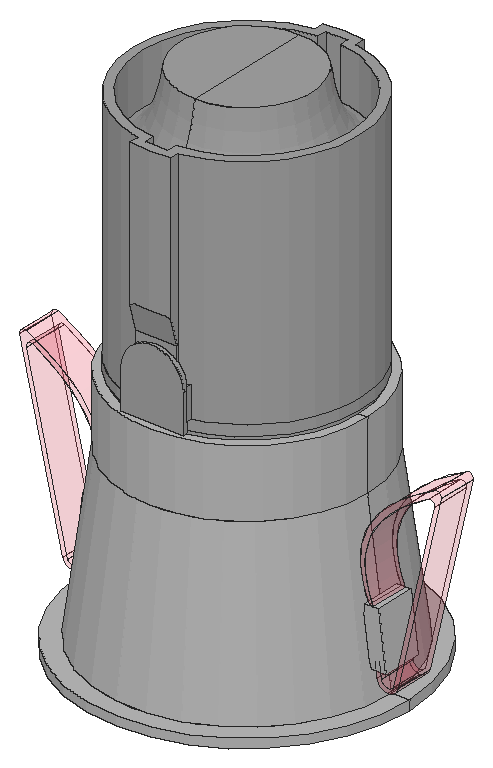
Revit family "LAMP_MOODY G2 800 + MINI ROUND FIXED REFLECTOR", category Luminarias, Revit 2015
Parameters (values of type "2700K FLOOD")
  Ángulo de inclinación = 90.00°
  White reflector model = White reflector code  # "MORFRD072FXW"
  White reflector finish = "Matt white"
  White reflector description = "MOODY REF RD FX Ø72 WH."
  White reflector datasheet = "http://www.lamp.es/product-files/TECH/MORFRD072FXW-EN.pdf"
  White reflector code = "MORFRD072FXW"
  White reflector [instance] = no
  Wattage = 6.1 W
  UGR = "21"
  Type = "COB PHILIPS"
  Total weight = 0.242 kg
  Total height = 115 mm
  Silver reflector model = Silver reflector code  # "MORFRD072FXM"
  Silver reflector finish = "Metalized matt silver"
  Silver reflector description = "MOODY REF RD FX Ø72 MET."
  Silver reflector datasheet = "http://www.lamp.es/product-files/TECH/MORFRD072FXM-EN.pdf"
  Silver reflector code = "MORFRD072FXM"
  Silver reflector [instance] = no
  Reflector diameter = 72 mm
  Reflector [instance] = and(not(White reflector), not(Copper reflector), not(Black reflector), not(Silver reflector))  # no
  Recessed diameter = 68 mm
  built-in parameter 1150110 = 1 (stored number, unit not read)
  Protection rating = "IP20"
  Product URL = "https://www.lamp.es/en/family/moody_33323"
  Power Supply = "220-240V 50/60Hz"
  Power = 5 W
  Plum = 6.1 W
  Model explanation = "Availability of switching reflector colour when placed in a project."
  Material Reflector Plata = LAMP_PC Reflector Moody GR
  Material Reflector Negro = LAMP_PC Reflector Moody NG
  Material Reflector Cobre = LAMP_PC Reflector Moody CO
  Material Reflector Blanco = LAMP_PC Reflector Moody BL
  Material Muelle Emp. = LAMP_Acero genérico
  Manufacturer name = "LAMP"
  Manufacturer country = "Spain"
  Manufacturer URL = "http://www.lamp.es/en"
  MacAdam = "3"
  Lámpara = "COB LED"
  Luminaire type = "Indoor - Recessed Downlight"
  Last update = "28/08/2019"
  LED Lifetime = "50.000 L90 B10"
  Insulation class = "II"
  Installation instructions = "https://www.lamp.es/product-files/INS/1004620-A-INSTR.%20MOODY%20G2.pdf"
  IEE = "A++"
  Gear = "Electronic"
  built-in parameter 1114217 = 1 (stored number, unit not read)
  built-in parameter 1150109 = 1 (stored number, unit not read)
  Fabricante = Manufacturer name  # "LAMP"
  Efficacy = 71.3 lm/W
  Descripción = "MOODY G2 800 VWW FL TRIAC BK."
  Core product code = "MO208FL927TB"
  Core model = Core product code  # "MO208FL927TB"
  Core diameter = 50 mm
  Core description = "MOODY CORE 500 VWW MFL"
  Core datasheet = "http://www.lamp.es/product-files/TECH/MO208FL927TB-EN.pdf"
  Copper reflector model = Copper reflector code  # "MORFRD072FXC"
  Copper reflector finish = "Metalized matt copper"
  Copper reflector description = "MOODY REF RD FX Ø72 CO."
  Copper reflector datasheet = "http://www.lamp.es/product-files/TECH/MORFRD072FXW-EN.pdf"
  Copper reflector code = "MORFRD072FXC"
  Comentarios de tipo = Model explanation  # "Availability of switching reflector colour when placed in a project."
  built-in parameter 1150134 = (empty or 0)
  built-in parameter 1150113 = 1 (stored number, unit not read)
  Lumens = 434.93 lm
  built-in parameter 1150115 = 1 (stored number, unit not read)
  built-in parameter 1150105 = 34.611 (stored number, unit not read)
  built-in parameter 1150137 = (empty or 0)
  built-in parameter 1150139 = (empty or 0)
  built-in parameter 1150112 = 1 (stored number, unit not read)
  built-in parameter 1150114 = 1 (stored number, unit not read)
  built-in parameter 1150132 = 2
  built-in parameter 1150102 = (empty or 0)
  built-in parameter 1150138 = (empty or 0)
  built-in parameter 1150107 = 2700 (stored number, unit not read)
  built-in parameter 1150106 = 0.34611 (stored number, unit not read)
  built-in parameter 1150104 = 6.624 (stored number, unit not read)
  Dimming Lamp Color Temperature Shift = (empty or 0)
  Color Filter = 16777215
  built-in parameter 1114218 = 1 (stored number, unit not read)
  CRI = "90"
  Copper reflector [instance] = yes
  Black reflector model = Black reflector code  # "MORFRD072FXB"
  Black reflector finish = "Matt black"
  Black reflector description = "MOODY REF RD FX Ø72 BK."
  Black reflector datasheet = "http://www.lamp.es/product-files/TECH/MORFRD072FXB-EN.pdf"
  Black reflector code = "MORFRD072FXB"
  Black reflector [instance] = no
  Archivo de red fotométrica = "MO208FL927TB+MORFRD072FXM.IES"
  Altura reflector = 52.8 mm
  built-in parameter 1150133 = 10 (stored number, unit not read)
Types (9, lengths in mm): name | Efficacy | Descripción | Core product code | Core model | Core datasheet | Lumens | built-in parameter 1150105 | built-in parameter 1150107 | built-in parameter 1150106 | built-in parameter 1150104 | CRI | Archivo de red fotométrica
  2700K FLOOD | 71.3 lm/W | "MOODY G2 800 VWW FL TRIAC BK." | "MO208FL927TB" | "MO208FL927TB" | "http://www.lamp.es/product-files/TECH/MO208FL927TB-EN.pdf" | 434.93 lm | 34.611 (stored number, unit not read) | 2700 (stored number, unit not read) | 0.34611 (stored number, unit not read) | 6.624 (stored number, unit not read) | "90" | "MO208FL927TB+MORFRD072FXM.IES"
  2700K SPOT | 71.3 lm/W | "MOODY G2 800 VWW SP TRIAC BK." | "MO208SP927TB" | "MO208SP927TB" | "http://www.lamp.es/product-files/TECH/MO208SP927TB-EN.pdf" | 434.93 lm | 34.611 (stored number, unit not read) | 2700 (stored number, unit not read) | 0.34611 (stored number, unit not read) | 6.624 (stored number, unit not read) | "90" | "MO208SP927TB+MORFRD072FXM.IES"
  2700K WIDE FLOOD | 71.3 lm/W | "MOODY G2 800 VWW WFL TRIAC BK." | "MO208WF927TB" | "MO208WF927TB" | "http://www.lamp.es/product-files/TECH/MO208WF927TB-EN.pdf" | 434.93 lm | 34.611 (stored number, unit not read) | 2700 (stored number, unit not read) | 0.34611 (stored number, unit not read) | 6.624 (stored number, unit not read) | "90" | "MO208WF927TB+MORFRD072FXM.IES"
  3000K FLOOD | 87.4 lm/W | "MOODY G2 800 WW FL TRIAC BK." | "MO208FL830TB" | "MO208FL830TB" | "http://www.lamp.es/product-files/TECH/MO208FL830TB-EN.pdf" | 533.14 lm | 42.426 (stored number, unit not read) | 3000 (stored number, unit not read) | 0.42426 (stored number, unit not read) | 8.1197 (stored number, unit not read) | "80" | "MO208FL830TB+MORFRD072FXM.IES"
  3000K SPOT | 87.4 lm/W | "MOODY G2 800 WW SP TRIAC BK." | "MO208SP830TB" | "MO208SP830TB" | "http://www.lamp.es/product-files/TECH/MO208SP830TB-EN.pdf" | 533.14 lm | 42.426 (stored number, unit not read) | 3000 (stored number, unit not read) | 0.42426 (stored number, unit not read) | 8.1197 (stored number, unit not read) | "80" | "MO208SP830TB+MORFRD072FXM.IES"
  3000K WIDE FLOOD | 87.4 lm/W | "MOODY G2 800 WW WFL TRIAC BK." | "MO208WF830TB" | "MO208WF830TB" | "http://www.lamp.es/product-files/TECH/MO208WF830TB-EN.pdf" | 533.14 lm | 42.426 (stored number, unit not read) | 3000 (stored number, unit not read) | 0.42426 (stored number, unit not read) | 8.1197 (stored number, unit not read) | "80" | "MO208WF830TB+MORFRD072FXM.IES"
  4000K FLOOD | 92.6 lm/W | "MOODY G2 800 NW FL TRIAC BK." | "MO208FL840TB" | "MO208FL840TB" | "http://www.lamp.es/product-files/TECH/MO208FL840TB-EN.pdf" | 564.86 lm | 44.95 (stored number, unit not read) | 4000 (stored number, unit not read) | 0.4495 (stored number, unit not read) | 8.6028 (stored number, unit not read) | "80" | "MO208FL840TB+MORFRD072FXM.IES"
  4000K SPOT | 92.6 lm/W | "MOODY G2 800 NW SP TRIAC BK." | "MO208SP840TB" | "MO208SP840TB" | "http://www.lamp.es/product-files/TECH/MO208SP840TB-EN.pdf" | 564.86 lm | 44.95 (stored number, unit not read) | 4000 (stored number, unit not read) | 0.4495 (stored number, unit not read) | 8.6028 (stored number, unit not read) | "80" | "MO208SP840TB+MORFRD072FXM.IES"
  4000K WIDE FLOOD | 92.6 lm/W | "MOODY G2 800 NW WFL TRIAC BK." | "MO208WF840TB" | "MO208WF840TB" | "http://www.lamp.es/product-files/TECH/MO208WF840TB-EN.pdf" | 564.86 lm | 44.95 (stored number, unit not read) | 4000 (stored number, unit not read) | 0.4495 (stored number, unit not read) | 8.6028 (stored number, unit not read) | "80" | "MO208WF840TB+MORFRD072FXM.IES"
Reference planes
  plane 1 "Eje de origen de luz (F/P)": y = 0
  plane 2: z = 0
  plane 3 "Eje de origen de luz (I/D)": x = 0
  plane 4 "Techo": z = 4000
  plane 5 "Elevación de origen de luz": z = 4000
Forms (mm)
  Revolve 1, solid, material "LAMP_PC Reflector Moody CO" <- "Material Reflector Cobre", visible <- "Reflector"
    sketch origin (0, 0, 0) x (1, 0, 0) y (0, 0, 1)
      loop
        line (-30, 3998) -> (-30, 4000) -> (-24.838, 4037.526) -> (-24.838, 4045.8) -> (-23.138, 4045.8) -> (-23.138, 4047.8) -> (-24.838, 4047.8) -> (-24.838, 4052.8) -> (-26.8, 4052.8) -> (-26.8, 4037.8) -> (-32, 4000) -> (-36, 4000) -> (-36, 3998) -> (-30, 3998)
      axis (0, 3998) -> (0, 4052.8)
    angle from 0 to 360
  Extrusion 2, solid, material "LAMP_PC Reflector Moody CO" <- "Material Reflector Cobre", visible <- "Reflector"
    sketch origin (0, 0, 0) x (1, 0, 0) y (0, 0, 1)
      loop
        line (-31.187, 4006.379) -> (-29.063, 4012.148) -> (-29.652, 4018.879) -> (-32.652, 4018.879) -> (-34.187, 4006.379) -> (-31.187, 4006.379)
    from 4.4 to -4.4
  Extrusion 3, solid, material "LAMP_Acero genérico" <- "Material Muelle Emp."
    sketch origin (0, 0, 0) x (1, 0, 0) y (0, 0, 1)
      loop
        line (-31.943, 4008.334) -> (-32.936, 4008.456) -> (-33.354, 4005.052)
        arc (-33.354, 4005.052) -> (-34.505, 4003.774) -> (-36.101, 4004.418) r 1.5
        line (-36.101, 4004.418) -> (-45.08, 4043.315)
        arc (-45.08, 4043.315) -> (-44.744, 4044.291) -> (-43.719, 4044.417) r 0.975
        spline (-43.719, 4044.417) -> (-39.839, 4042.049) -> (-36.692, 4039.685) -> (-34.215, 4037.335) -> (-32.344, 4035.012) -> (-31.016, 4032.729) -> (-30.17, 4030.498) -> (-29.74, 4028.33) -> (-29.666, 4026.239) -> (-29.883, 4024.236) -> (-30.329, 4022.333) -> (-30.941, 4020.544) -> (-31.656, 4018.879)
        line (-31.656, 4018.879) -> (-30.649, 4018.879)
        spline (-30.649, 4018.879) -> (-29.869, 4020.895) -> (-29.241, 4023.007) -> (-28.826, 4025.204) -> (-28.688, 4027.472) -> (-28.891, 4029.797) -> (-29.498, 4032.167) -> (-30.573, 4034.568) -> (-32.179, 4036.988) -> (-34.38, 4039.414) -> (-37.239, 4041.832) -> (-40.82, 4044.23) -> (-45.186, 4046.593)
        arc (-45.186, 4046.593) -> (-46.211, 4046.467) -> (-46.547, 4045.491) r 0.975
        line (-46.547, 4045.491) -> (-37.091, 4004.532)
        arc (-37.091, 4004.532) -> (-36.228, 4003.203) -> (-34.714, 4002.739) r 2.317
        arc (-34.714, 4002.739) -> (-33.138, 4003.406) -> (-32.361, 4004.931) r 2.5
        line (-32.361, 4004.931) -> (-31.943, 4008.334)
    from 4.4 to -4.4
  Extrusion 4, solid, material "LAMP_PC Reflector Moody CO" <- "Material Reflector Cobre", visible <- "Reflector"
    sketch origin (0, 0, 0) x (-1, 0, 0) y (0, 0, -1)
      loop
        line (-31.187, -4006.379) -> (-34.187, -4006.379) -> (-32.652, -4018.879) -> (-29.652, -4018.879) -> (-29.063, -4012.148) -> (-31.187, -4006.379)
    from 4.4 to -4.4
  Extrusion 5, solid, material "LAMP_Acero genérico" <- "Material Muelle Emp."
    sketch origin (0, 0, 0) x (-1, 0, 0) y (0, 0, -1)
      loop
        line (-31.943, -4008.334) -> (-32.361, -4004.931)
        arc (-32.361, -4004.931) -> (-33.138, -4003.406) -> (-34.714, -4002.739) r 2.5
        arc (-34.714, -4002.739) -> (-36.228, -4003.203) -> (-37.091, -4004.532) r 2.317
        line (-37.091, -4004.532) -> (-46.547, -4045.491)
        arc (-46.547, -4045.491) -> (-46.211, -4046.467) -> (-45.186, -4046.593) r 0.975
        spline (-45.186, -4046.593) -> (-40.82, -4044.23) -> (-37.239, -4041.832) -> (-34.38, -4039.414) -> (-32.179, -4036.988) -> (-30.573, -4034.568) -> (-29.498, -4032.167) -> (-28.891, -4029.797) -> (-28.688, -4027.472) -> (-28.826, -4025.204) -> (-29.241, -4023.007) -> (-29.869, -4020.895) -> (-30.649, -4018.879)
        line (-30.649, -4018.879) -> (-31.656, -4018.879)
        spline (-31.656, -4018.879) -> (-30.941, -4020.544) -> (-30.329, -4022.333) -> (-29.883, -4024.236) -> (-29.666, -4026.239) -> (-29.74, -4028.33) -> (-30.17, -4030.498) -> (-31.016, -4032.729) -> (-32.344, -4035.012) -> (-34.215, -4037.335) -> (-36.692, -4039.685) -> (-39.839, -4042.049) -> (-43.719, -4044.417)
        arc (-43.719, -4044.417) -> (-44.744, -4044.291) -> (-45.08, -4043.315) r 0.975
        line (-45.08, -4043.315) -> (-36.101, -4004.418)
        arc (-36.101, -4004.418) -> (-34.505, -4003.774) -> (-33.354, -4005.052) r 1.5
        line (-33.354, -4005.052) -> (-32.936, -4008.456) -> (-31.943, -4008.334)
    from 4.4 to -4.4
  Revolve 6, solid, material "LAMP_PC Reflector Moody BL" <- "Material Reflector Blanco", visible <- "White reflector"
    sketch origin (0, 0, 0) x (1, 0, 0) y (0, 0, 1)
      loop
        line (-30, 3998) -> (-30, 4000) -> (-24.838, 4037.526) -> (-24.838, 4045.8) -> (-23.138, 4045.8) -> (-23.138, 4047.8) -> (-24.838, 4047.8) -> (-24.838, 4052.8) -> (-26.8, 4052.8) -> (-26.8, 4037.8) -> (-32, 4000) -> (-36, 4000) -> (-36, 3998) -> (-30, 3998)
      axis (0, 3998) -> (0, 4052.8)
    angle from 0 to 360
  Extrusion 7, solid, material "LAMP_PC Reflector Moody BL" <- "Material Reflector Blanco", visible <- "White reflector"
    sketch origin (0, 0, 0) x (1, 0, 0) y (0, 0, 1)
      loop
        line (-31.187, 4006.379) -> (-29.063, 4012.148) -> (-29.652, 4018.879) -> (-32.652, 4018.879) -> (-34.187, 4006.379) -> (-31.187, 4006.379)
    from 4.4 to -4.4
  Extrusion 8, solid, material "LAMP_PC Reflector Moody BL" <- "Material Reflector Blanco", visible <- "White reflector"
    sketch origin (0, 0, 0) x (-1, 0, 0) y (0, 0, -1)
      loop
        line (-31.187, -4006.379) -> (-34.187, -4006.379) -> (-32.652, -4018.879) -> (-29.652, -4018.879) -> (-29.063, -4012.148) -> (-31.187, -4006.379)
    from 4.4 to -4.4
  Revolve 9, solid, material "LAMP_PC Reflector Moody CO" <- "Material Reflector Cobre", visible <- "Copper reflector"
    sketch origin (0, 0, 0) x (1, 0, 0) y (0, 0, 1)
      loop
        line (-30, 3998) -> (-30, 4000) -> (-24.838, 4037.526) -> (-24.838, 4045.8) -> (-23.138, 4045.8) -> (-23.138, 4047.8) -> (-24.838, 4047.8) -> (-24.838, 4052.8) -> (-26.8, 4052.8) -> (-26.8, 4037.8) -> (-32, 4000) -> (-36, 4000) -> (-36, 3998) -> (-30, 3998)
      axis (0, 3998) -> (0, 4052.8)
    angle from 0 to 360
  Extrusion 10, solid, material "LAMP_PC Reflector Moody CO" <- "Material Reflector Cobre", visible <- "Copper reflector"
    sketch origin (0, 0, 0) x (1, 0, 0) y (0, 0, 1)
      loop
        line (-31.187, 4006.379) -> (-29.063, 4012.148) -> (-29.652, 4018.879) -> (-32.652, 4018.879) -> (-34.187, 4006.379) -> (-31.187, 4006.379)
    from 4.4 to -4.4
  Extrusion 11, solid, material "LAMP_PC Reflector Moody CO" <- "Material Reflector Cobre", visible <- "Copper reflector"
    sketch origin (0, 0, 0) x (-1, 0, 0) y (0, 0, -1)
      loop
        line (-31.187, -4006.379) -> (-34.187, -4006.379) -> (-32.652, -4018.879) -> (-29.652, -4018.879) -> (-29.063, -4012.148) -> (-31.187, -4006.379)
    from 4.4 to -4.4
  Revolve 12, solid, material "LAMP_PC Reflector Moody NG" <- "Material Reflector Negro", visible <- "Black reflector"
    sketch origin (0, 0, 0) x (1, 0, 0) y (0, 0, 1)
      loop
        line (-30, 3998) -> (-30, 4000) -> (-24.838, 4037.526) -> (-24.838, 4045.8) -> (-23.138, 4045.8) -> (-23.138, 4047.8) -> (-24.838, 4047.8) -> (-24.838, 4052.8) -> (-26.8, 4052.8) -> (-26.8, 4037.8) -> (-32, 4000) -> (-36, 4000) -> (-36, 3998) -> (-30, 3998)
      axis (0, 3998) -> (0, 4052.8)
    angle from 0 to 360
  Extrusion 13, solid, material "LAMP_PC Reflector Moody NG" <- "Material Reflector Negro", visible <- "Black reflector"
    sketch origin (0, 0, 0) x (1, 0, 0) y (0, 0, 1)
      loop
        line (-31.187, 4006.379) -> (-29.063, 4012.148) -> (-29.652, 4018.879) -> (-32.652, 4018.879) -> (-34.187, 4006.379) -> (-31.187, 4006.379)
    from 4.4 to -4.4
  Extrusion 14, solid, material "LAMP_PC Reflector Moody NG" <- "Material Reflector Negro", visible <- "Black reflector"
    sketch origin (0, 0, 0) x (-1, 0, 0) y (0, 0, -1)
      loop
        line (-31.187, -4006.379) -> (-34.187, -4006.379) -> (-32.652, -4018.879) -> (-29.652, -4018.879) -> (-29.063, -4012.148) -> (-31.187, -4006.379)
    from 4.4 to -4.4
  Revolve 15, solid, material "LAMP_PC Reflector Moody GR" <- "Material Reflector Plata", visible <- "Silver reflector"
    sketch origin (0, 0, 0) x (1, 0, 0) y (0, 0, 1)
      loop
        line (-30, 3998) -> (-30, 4000) -> (-24.838, 4037.526) -> (-24.838, 4045.8) -> (-23.138, 4045.8) -> (-23.138, 4047.8) -> (-24.838, 4047.8) -> (-24.838, 4052.8) -> (-26.8, 4052.8) -> (-26.8, 4037.8) -> (-32, 4000) -> (-36, 4000) -> (-36, 3998) -> (-30, 3998)
      axis (0, 3998) -> (0, 4052.8)
    angle from 0 to 360
  Extrusion 16, solid, material "LAMP_PC Reflector Moody GR" <- "Material Reflector Plata", visible <- "Silver reflector"
    sketch origin (0, 0, 0) x (1, 0, 0) y (0, 0, 1)
      loop
        line (-31.187, 4006.379) -> (-29.063, 4012.148) -> (-29.652, 4018.879) -> (-32.652, 4018.879) -> (-34.187, 4006.379) -> (-31.187, 4006.379)
    from 4.4 to -4.4
  Extrusion 17, solid, material "LAMP_PC Reflector Moody GR" <- "Material Reflector Plata", visible <- "Silver reflector"
    sketch origin (0, 0, 0) x (-1, 0, 0) y (0, 0, -1)
      loop
        line (-31.187, -4006.379) -> (-34.187, -4006.379) -> (-32.652, -4018.879) -> (-29.652, -4018.879) -> (-29.063, -4012.148) -> (-31.187, -4006.379)
    from 4.4 to -4.4
Text (mm)
  text "Any modification of the parameters and properties of the LAMP BIM models must be executed and validated by the LAMP technical department.\n\nPhone: +34 93 736 68 00\n\nE-mail: lamp@lamp.es\n\n\n\nLAMP reserves the right to modify the technical specifications of its products." at (-1613.159, 2195.866, 3466.417), in view "Preview"
Dimensions and locks
  equal spacing: host sketch curve, plane 3 "Eje de origen de luz (I/D)", host sketch curve
  equal spacing: host sketch curve, plane 1 "Eje de origen de luz (F/P)", host sketch curve
  host sketch curve to host sketch curve = 4000 mm  (x2)
  locked: plane 4 "Techo" to host ceiling at 0
  "Altura reflector": plane 4 "Techo" to Revolve 1
  locked: Revolve 1 to nested 1 at 60
  aligned and locked: plane 3 "Eje de origen de luz (I/D)" to imposter light
  aligned and locked: plane 1 "Eje de origen de luz (F/P)" to imposter light
  aligned and locked: plane 5 "Elevación de origen de luz" to imposter light
  aligned and locked: imposter light to plane 4 "Techo"
Automatic sketch dimensions
  Revolve 1 sketch curve to plane 4 "Techo" = 0 mm  (x2)
  Revolve 1 sketch curve to plane 3 "Eje de origen de luz (I/D)" = 0 mm
  Revolve 1 sketch curve to plane 3 "Eje de origen de luz (I/D)" = 23.138 mm
  Revolve 1 sketch curve to Revolve 1 sketch curve = 1.7 mm  (x2)
  Revolve 1 sketch curve to Revolve 1 sketch curve = 1.962 mm
  Revolve 1 sketch curve to plane 3 "Eje de origen de luz (I/D)" = 30 mm
  Revolve 1 sketch curve to Revolve 1 sketch curve = 2 mm  (x2)
  Revolve 1 sketch curve to Revolve 1 sketch curve = 4 mm
  plane 4 "Techo" to Revolve 1 sketch curve = 2 mm
  Revolve 1 sketch curve to plane 4 "Techo" = 37.526 mm
  Revolve 1 sketch curve to Revolve 1 sketch curve = 0.274 mm
  Revolve 1 sketch curve to Revolve 1 sketch curve = 8 mm
  Revolve 1 sketch curve to Revolve 1 sketch curve = 5 mm
  Revolve 1 sketch curve to level = 358.228 mm
  Revolve 1 sketch curve to Revolve 1 sketch curve = 309.385 mm
  Extrusion 2 sketch curve to plane 4 "Techo" = 6.379 mm
  Extrusion 2 sketch curve to plane 3 "Eje de origen de luz (I/D)" = 34.187 mm
  Extrusion 2 sketch curve to Extrusion 2 sketch curve = 1.535 mm
  Extrusion 2 sketch curve to Extrusion 2 sketch curve = 3 mm  (x2)
  Extrusion 2 sketch curve to plane 4 "Techo" = 12.148 mm
  Extrusion 2 sketch curve to Extrusion 2 sketch curve = 2.124 mm
  Extrusion 2 sketch curve to Extrusion 2 sketch curve = 6.731 mm
  Extrusion 3 sketch curve to Extrusion 3 sketch curve = 0 mm  (x2)
  Extrusion 3 sketch curve to plane 3 "Eje de origen de luz (I/D)" = 46.547 mm
  Extrusion 3 sketch curve to Extrusion 3 sketch curve = 0.95 mm  (x2)
  Extrusion 3 sketch curve to Extrusion 3 sketch curve = 0.412 mm  (x2)
  Extrusion 3 sketch curve to Extrusion 3 sketch curve = 0.517 mm
  Extrusion 3 sketch curve to plane 4 "Techo" = 4.532 mm
  Extrusion 3 sketch curve to plane 3 "Eje de origen de luz (I/D)" = 37.091 mm
  Extrusion 3 sketch curve to plane 4 "Techo" = 4.418 mm
  Extrusion 3 sketch curve to Extrusion 3 sketch curve = 0.991 mm
  Extrusion 3 sketch curve to Extrusion 3 sketch curve = 1.258 mm
  Extrusion 3 sketch curve to Extrusion 3 sketch curve = 0.009 mm
  Extrusion 3 sketch curve to plane 4 "Techo" = 5.052 mm
  Extrusion 3 sketch curve to Extrusion 3 sketch curve = 1.479 mm
  Extrusion 3 sketch curve to plane 4 "Techo" = 8.456 mm
  Extrusion 3 sketch curve to Extrusion 3 sketch curve = 0.418 mm
  Extrusion 3 sketch curve to plane 4 "Techo" = 4.931 mm
  Extrusion 3 sketch curve to Extrusion 3 sketch curve = 0.993 mm
  Extrusion 3 sketch curve to Extrusion 3 sketch curve = 1.28 mm
  Extrusion 3 sketch curve to Extrusion 3 sketch curve = 1.008 mm
  Extrusion 3 sketch curve to Extrusion 3 sketch curve = 0.182 mm
  Extrusion 3 sketch curve to Extrusion 3 sketch curve = 10.423 mm
  Extrusion 3 sketch curve to Extrusion 3 sketch curve = 24.435 mm
  Extrusion 3 sketch curve to Extrusion 3 sketch curve = 0.219 mm  (x2)
  Extrusion 3 sketch curve to Extrusion 3 sketch curve = 2.176 mm
  plane 4 "Techo" to Extrusion 4 sketch curve = 6.379 mm
  Extrusion 4 sketch curve to plane 3 "Eje de origen de luz (I/D)" = 34.187 mm
  Extrusion 4 sketch curve to Extrusion 4 sketch curve = 1.535 mm
  Extrusion 4 sketch curve to Extrusion 4 sketch curve = 3 mm  (x2)
  plane 4 "Techo" to Extrusion 4 sketch curve = 12.148 mm
  Extrusion 4 sketch curve to Extrusion 4 sketch curve = 2.124 mm
  Extrusion 4 sketch curve to Extrusion 4 sketch curve = 6.731 mm
  Extrusion 5 sketch curve to Extrusion 5 sketch curve = 0 mm  (x2)
  Extrusion 5 sketch curve to plane 3 "Eje de origen de luz (I/D)" = 46.547 mm
  Extrusion 5 sketch curve to Extrusion 5 sketch curve = 0.95 mm  (x2)
  Extrusion 5 sketch curve to Extrusion 5 sketch curve = 0.412 mm  (x2)
  Extrusion 5 sketch curve to Extrusion 5 sketch curve = 0.517 mm
  plane 4 "Techo" to Extrusion 5 sketch curve = 4.532 mm
  Extrusion 5 sketch curve to plane 3 "Eje de origen de luz (I/D)" = 37.091 mm
  plane 4 "Techo" to Extrusion 5 sketch curve = 4.418 mm
  Extrusion 5 sketch curve to Extrusion 5 sketch curve = 0.991 mm
  Extrusion 5 sketch curve to Extrusion 5 sketch curve = 1.258 mm
  Extrusion 5 sketch curve to Extrusion 5 sketch curve = 0.009 mm
  plane 4 "Techo" to Extrusion 5 sketch curve = 5.052 mm
  Extrusion 5 sketch curve to Extrusion 5 sketch curve = 1.479 mm
  plane 4 "Techo" to Extrusion 5 sketch curve = 8.456 mm
  Extrusion 5 sketch curve to Extrusion 5 sketch curve = 0.418 mm
  plane 4 "Techo" to Extrusion 5 sketch curve = 4.931 mm
  Extrusion 5 sketch curve to Extrusion 5 sketch curve = 0.993 mm
  Extrusion 5 sketch curve to Extrusion 5 sketch curve = 1.28 mm
  Extrusion 5 sketch curve to Extrusion 5 sketch curve = 1.008 mm
  Extrusion 5 sketch curve to Extrusion 5 sketch curve = 0.182 mm
  Extrusion 5 sketch curve to Extrusion 5 sketch curve = 10.423 mm
  Extrusion 5 sketch curve to Extrusion 5 sketch curve = 24.435 mm
  Extrusion 5 sketch curve to Extrusion 5 sketch curve = 0.219 mm  (x2)
  Extrusion 5 sketch curve to Extrusion 5 sketch curve = 2.176 mm
  Revolve 6 sketch curve to plane 4 "Techo" = 0 mm  (x2)
  plane 4 "Techo" to Revolve 6 sketch curve = 2 mm
  Revolve 6 sketch curve to plane 3 "Eje de origen de luz (I/D)" = 36 mm
  Revolve 6 sketch curve to Revolve 6 sketch curve = 4 mm
  Revolve 6 sketch curve to Revolve 6 sketch curve = 2 mm  (x2)
  Revolve 6 sketch curve to Revolve 6 sketch curve = 3.2 mm
  Revolve 6 sketch curve to Revolve 6 sketch curve = 1.962 mm  (x2)
  Revolve 6 sketch curve to Revolve 6 sketch curve = 1.7 mm
  Revolve 6 sketch curve to plane 4 "Techo" = 37.526 mm
  Revolve 6 sketch curve to Revolve 6 sketch curve = 0.274 mm
  Revolve 6 sketch curve to Revolve 6 sketch curve = 8 mm
  Revolve 6 sketch curve to Revolve 6 sketch curve = 5 mm
  plane 3 "Eje de origen de luz (I/D)" to Revolve 6 sketch curve = 0 mm
  Revolve 6 sketch curve to level = 358.228 mm
  Revolve 6 sketch curve to Revolve 6 sketch curve = 309.385 mm
  Extrusion 7 sketch curve to plane 4 "Techo" = 6.379 mm
  Extrusion 7 sketch curve to plane 3 "Eje de origen de luz (I/D)" = 34.187 mm
  Extrusion 7 sketch curve to Extrusion 7 sketch curve = 1.535 mm
  Extrusion 7 sketch curve to Extrusion 7 sketch curve = 3 mm  (x2)
  Extrusion 7 sketch curve to plane 4 "Techo" = 18.879 mm
  Extrusion 7 sketch curve to plane 4 "Techo" = 12.148 mm
  Extrusion 7 sketch curve to Extrusion 7 sketch curve = 2.124 mm
  plane 4 "Techo" to Extrusion 8 sketch curve = 6.379 mm
  Extrusion 8 sketch curve to plane 3 "Eje de origen de luz (I/D)" = 34.187 mm
  Extrusion 8 sketch curve to Extrusion 8 sketch curve = 1.535 mm
  Extrusion 8 sketch curve to Extrusion 8 sketch curve = 3 mm  (x2)
  plane 4 "Techo" to Extrusion 8 sketch curve = 18.879 mm
  plane 4 "Techo" to Extrusion 8 sketch curve = 12.148 mm
  Extrusion 8 sketch curve to Extrusion 8 sketch curve = 2.124 mm
  Revolve 9 sketch curve to plane 4 "Techo" = 0 mm  (x2)
  plane 4 "Techo" to Revolve 9 sketch curve = 2 mm
  Revolve 9 sketch curve to plane 3 "Eje de origen de luz (I/D)" = 36 mm
  Revolve 9 sketch curve to Revolve 9 sketch curve = 4 mm
  Revolve 9 sketch curve to Revolve 9 sketch curve = 2 mm  (x2)
  Revolve 9 sketch curve to Revolve 9 sketch curve = 3.2 mm
  Revolve 9 sketch curve to Revolve 9 sketch curve = 1.962 mm  (x2)
  Revolve 9 sketch curve to Revolve 9 sketch curve = 1.7 mm
  Revolve 9 sketch curve to plane 4 "Techo" = 37.526 mm
  Revolve 9 sketch curve to Revolve 9 sketch curve = 0.274 mm
  Revolve 9 sketch curve to Revolve 9 sketch curve = 8 mm
  Revolve 9 sketch curve to Revolve 9 sketch curve = 5 mm
  plane 3 "Eje de origen de luz (I/D)" to Revolve 9 sketch curve = 0 mm
  Revolve 9 sketch curve to level = 358.228 mm
  Revolve 9 sketch curve to Revolve 9 sketch curve = 309.385 mm
  Extrusion 10 sketch curve to plane 4 "Techo" = 6.379 mm
  Extrusion 10 sketch curve to plane 3 "Eje de origen de luz (I/D)" = 34.187 mm
  Extrusion 10 sketch curve to Extrusion 10 sketch curve = 1.535 mm
  Extrusion 10 sketch curve to Extrusion 10 sketch curve = 3 mm  (x2)
  Extrusion 10 sketch curve to plane 4 "Techo" = 18.879 mm
  Extrusion 10 sketch curve to plane 4 "Techo" = 12.148 mm
  Extrusion 10 sketch curve to Extrusion 10 sketch curve = 2.124 mm
  plane 4 "Techo" to Extrusion 11 sketch curve = 6.379 mm
  Extrusion 11 sketch curve to plane 3 "Eje de origen de luz (I/D)" = 34.187 mm
  Extrusion 11 sketch curve to Extrusion 11 sketch curve = 1.535 mm
  Extrusion 11 sketch curve to Extrusion 11 sketch curve = 3 mm  (x2)
  plane 4 "Techo" to Extrusion 11 sketch curve = 18.879 mm
  plane 4 "Techo" to Extrusion 11 sketch curve = 12.148 mm
  Extrusion 11 sketch curve to Extrusion 11 sketch curve = 2.124 mm
  Revolve 12 sketch curve to plane 4 "Techo" = 0 mm  (x2)
  plane 4 "Techo" to Revolve 12 sketch curve = 2 mm
  Revolve 12 sketch curve to plane 3 "Eje de origen de luz (I/D)" = 36 mm
  Revolve 12 sketch curve to Revolve 12 sketch curve = 4 mm
  Revolve 12 sketch curve to Revolve 12 sketch curve = 2 mm  (x2)
  Revolve 12 sketch curve to Revolve 12 sketch curve = 3.2 mm
  Revolve 12 sketch curve to Revolve 12 sketch curve = 1.962 mm  (x2)
  Revolve 12 sketch curve to Revolve 12 sketch curve = 1.7 mm
  Revolve 12 sketch curve to plane 4 "Techo" = 37.526 mm
  Revolve 12 sketch curve to Revolve 12 sketch curve = 0.274 mm
  Revolve 12 sketch curve to Revolve 12 sketch curve = 8 mm
  Revolve 12 sketch curve to Revolve 12 sketch curve = 5 mm
  plane 3 "Eje de origen de luz (I/D)" to Revolve 12 sketch curve = 0 mm
  Revolve 12 sketch curve to level = 358.228 mm
  Revolve 12 sketch curve to Revolve 12 sketch curve = 309.385 mm
  Extrusion 13 sketch curve to plane 4 "Techo" = 6.379 mm
  Extrusion 13 sketch curve to plane 3 "Eje de origen de luz (I/D)" = 34.187 mm
  Extrusion 13 sketch curve to Extrusion 13 sketch curve = 1.535 mm
  Extrusion 13 sketch curve to Extrusion 13 sketch curve = 3 mm  (x2)
  Extrusion 13 sketch curve to plane 4 "Techo" = 18.879 mm
  Extrusion 13 sketch curve to plane 4 "Techo" = 12.148 mm
  Extrusion 13 sketch curve to Extrusion 13 sketch curve = 2.124 mm
  plane 4 "Techo" to Extrusion 14 sketch curve = 6.379 mm
  Extrusion 14 sketch curve to plane 3 "Eje de origen de luz (I/D)" = 34.187 mm
  Extrusion 14 sketch curve to Extrusion 14 sketch curve = 1.535 mm
  Extrusion 14 sketch curve to Extrusion 14 sketch curve = 3 mm  (x2)
  plane 4 "Techo" to Extrusion 14 sketch curve = 18.879 mm
  plane 4 "Techo" to Extrusion 14 sketch curve = 12.148 mm
  Extrusion 14 sketch curve to Extrusion 14 sketch curve = 2.124 mm
  Revolve 15 sketch curve to plane 4 "Techo" = 0 mm  (x2)
  plane 4 "Techo" to Revolve 15 sketch curve = 2 mm
  Revolve 15 sketch curve to plane 3 "Eje de origen de luz (I/D)" = 36 mm
  Revolve 15 sketch curve to Revolve 15 sketch curve = 4 mm
  Revolve 15 sketch curve to Revolve 15 sketch curve = 2 mm  (x2)
  Revolve 15 sketch curve to Revolve 15 sketch curve = 3.2 mm
  Revolve 15 sketch curve to Revolve 15 sketch curve = 1.962 mm  (x2)
  Revolve 15 sketch curve to Revolve 15 sketch curve = 1.7 mm
  Revolve 15 sketch curve to plane 4 "Techo" = 37.526 mm
  Revolve 15 sketch curve to Revolve 15 sketch curve = 0.274 mm
  Revolve 15 sketch curve to Revolve 15 sketch curve = 8 mm
  Revolve 15 sketch curve to Revolve 15 sketch curve = 5 mm
  plane 3 "Eje de origen de luz (I/D)" to Revolve 15 sketch curve = 0 mm
  Revolve 15 sketch curve to level = 358.228 mm
  Revolve 15 sketch curve to Revolve 15 sketch curve = 309.385 mm
  Extrusion 16 sketch curve to plane 4 "Techo" = 6.379 mm
  Extrusion 16 sketch curve to plane 3 "Eje de origen de luz (I/D)" = 34.187 mm
  Extrusion 16 sketch curve to Extrusion 16 sketch curve = 1.535 mm
  Extrusion 16 sketch curve to Extrusion 16 sketch curve = 3 mm  (x2)
  Extrusion 16 sketch curve to plane 4 "Techo" = 18.879 mm
  Extrusion 16 sketch curve to plane 4 "Techo" = 12.148 mm
  Extrusion 16 sketch curve to Extrusion 16 sketch curve = 2.124 mm
  plane 4 "Techo" to Extrusion 17 sketch curve = 6.379 mm
  Extrusion 17 sketch curve to plane 3 "Eje de origen de luz (I/D)" = 34.187 mm
  Extrusion 17 sketch curve to Extrusion 17 sketch curve = 1.535 mm
  Extrusion 17 sketch curve to Extrusion 17 sketch curve = 3 mm  (x2)
  plane 4 "Techo" to Extrusion 17 sketch curve = 18.879 mm
  plane 4 "Techo" to Extrusion 17 sketch curve = 12.148 mm
  Extrusion 17 sketch curve to Extrusion 17 sketch curve = 2.124 mm
Nested families
  nested 1: "LAMP_MOODY CORE 500" at (0, 0, 4047.8) x (0, 1, 0) z (0, 0, 1), type "LAMP_MOODY CORE 500"
Connectors
  electrical at (0, 0, 4000)
    settings: on imposter light, index 1, voltage 230 V, apparent load 0 VA, apparent load phase1 0 VA, apparent load phase2 0 VA, apparent load phase3 0 VA, power factor 1, load classification "Otro", number of poles 1, system type 31, power factor state 1, is connector primary yes, connector utility no, sub classification motor no, connector description ""
Definition of nested family "LAMP_MOODY CORE 500"
  Parameters (values of type "LAMP_MOODY CORE 500")
    Weight = 0.214 kg
    Protection rating = "IP20"
    Product name = "MOODY CORE 500"
    Product URL = "http://www.lamp.es/en/family/moody_33323"
    Material Reflector = none
    Material Cuerpo = none
    Material COB = none
    Manufacturer name = "LAMP"
    Manufacturer country = "Spain"
    Manufacturer URL = "http://www.lamp.es/en"
    Luminaire type = "Indoor - Recessed Downlight"
    Last update = "08/05/2018"
    Installation instructions = ""
    Height = 65 mm
    Finish = "Cataphorese"
    Manufacturer = Manufacturer name  # "LAMP"
    Default Elevation = 1219.2 mm
    Diameter = 50 mm
    Description = Product name  # "MOODY CORE 500"
    Type Comments = "For product codes and features, see corresponding files LAMP_CORE + REFLECTOR"
    Altura interior = 49 mm
  Reference planes
    plane 1 "Centro (Frontal/Posterior)": y = 0
    plane 2: z = 0
    plane 3 "Centro (Izquierda/Derecha)": x = 0
    plane 4: z = 49
  Forms (mm)
    Extrusion 1, solid
      sketch origin (0, 0, 0) x (1, 0, 0) y (0, 1, 0)
        loop
          line (-1219.2, 1219.2) -> (-1219.2, -1219.2) -> (1219.2, -1219.2) -> (1219.2, 1219.2) -> (-1219.2, 1219.2)
      from 0 to -304.8
    Extrusion 2, solid, material <- "Material Cuerpo"
      sketch origin (0, 0, 8.2) x (1, 0, 0) y (0, 1, 0)
        loop
          arc (-26.622, 4.5) -> (-27, 0) -> (-26.622, -4.5) r 27
          line (-26.622, -4.5) -> (-24.592, -4.5)
          arc (-24.592, -4.5) -> (0, -25) -> (24.592, -4.5) r 25
          line (24.592, -4.5) -> (26.622, -4.5)
          arc (26.622, -4.5) -> (27, 0) -> (26.622, 4.5) r 27
          line (26.622, 4.5) -> (24.592, 4.5)
          arc (24.592, 4.5) -> (0, 25) -> (-24.592, 4.5) r 25
          line (-24.592, 4.5) -> (-26.622, 4.5)
        loop
          line (-24.875, -2.5) -> (-22.864, -2.5)
          arc (-22.864, -2.5) -> (0, -23) -> (22.864, -2.5) r 23
          line (22.864, -2.5) -> (24.875, -2.5)
          arc (24.875, -2.5) -> (25, 0) -> (24.875, 2.5) r 25
          line (24.875, 2.5) -> (22.864, 2.5)
          arc (22.864, 2.5) -> (0, 23) -> (-22.864, 2.5) r 23
          line (-22.864, 2.5) -> (-24.875, 2.5)
          arc (-24.875, 2.5) -> (-25, 0) -> (-24.875, -2.5) r 25
      from 0 to 52
    Revolve 3, solid, material <- "Material Cuerpo"
      sketch origin (0, 0, 8.2) x (1, 0, 0) y (0, 0, 1)
        loop
          spline (-14.467, 56.8) -> (-14.836, 54.556) -> (-15.268, 52.477) -> (-15.761, 50.564) -> (-16.317, 48.817) -> (-16.935, 47.235) -> (-17.615, 45.819) -> (-18.357, 44.568) -> (-19.161, 43.483) -> (-20.028, 42.564) -> (-20.956, 41.81) -> (-21.947, 41.222) -> (-23, 40.8)
          line (-23, 40.8) -> (0, 40.8) -> (0, 56.8) -> (-14.467, 56.8)
        axis (0, 56.8) -> (0, 40.8)
      angle from 0 to 360
    Extrusion 4, void
      sketch origin (0, 0, 8.2) x (0, 1, 0) y (0, 0, 1)
        loop
          line (-7, 0) -> (7, 0) -> (7, 6.5) -> (-7, 6.5) -> (-7, 0)
      from -28 to 28
    Extrusion 5, void
      sketch origin (0, 0, 8.2) x (1, 0, 0) y (0, 0, 1)
        loop
          line (25.068, 6.5) -> (27.791, 6.5) -> (27.791, 20.707) -> (26.791, 20.707) -> (25.068, 14.278) -> (25.068, 6.5)
      from -7 to 7
    Extrusion 6, void
      sketch origin (0, 0, 8.2) x (-1, 0, 0) y (0, 0, -1)
        loop
          line (25.068, -6.3) -> (25.068, -14.078) -> (26.791, -20.507) -> (27.791, -20.507) -> (27.791, -6.3) -> (25.068, -6.3)
      from -7 to 7
    Revolve 7, solid, material <- "Material Cuerpo"
      sketch origin (0, 0, 0) x (1, 0, 0) y (0, 0, 1)
        loop
          line (24.8, 0) -> (24.8, 2.2) -> (22.75, 2.2) -> (22.75, 5.8) -> (25, 5.8) -> (25, 8.2) -> (21.4, 8.2) -> (21.4, 7) -> (20.45, 7) -> (20.45, 0) -> (24.8, 0)
        axis (0, 8.2) -> (0, 0)
      angle from 0 to 360
    Extrusion 8, solid, material <- "Material Cuerpo"
      sketch origin (0, 0, 11.6) x (1, 0, 0) y (0, 1, 0)
        loop
          line (-25.068, 4.5) -> (-22.555, 4.5)
          arc (-22.555, 4.5) -> (0, 23) -> (22.555, 4.5) r 23
          line (22.555, 4.5) -> (25.068, 4.5) -> (25.068, 6.9) -> (22.778, 6.9)
          arc (22.778, 6.9) -> (0, 23.8) -> (-22.778, 6.9) r 23.8
          line (-22.778, 6.9) -> (-25.068, 6.9) -> (-25.068, 4.5)
        loop
          line (-25.068, -4.5) -> (-25.068, -6.9) -> (-22.778, -6.9)
          arc (-22.778, -6.9) -> (0, -23.8) -> (22.778, -6.9) r 23.8
          line (22.778, -6.9) -> (25.068, -6.9) -> (25.068, -4.5) -> (22.555, -4.5)
          arc (22.555, -4.5) -> (0, -23) -> (-22.555, -4.5) r 23
          line (-22.555, -4.5) -> (-25.068, -4.5)
      from -3.4 to 3.4
    Extrusion 9, solid, material <- "Material Cuerpo"
      sketch origin (0, 0, 0) x (0, 1, 0) y (0, 0, -1)
        loop
          arc (-6.769, -14.306) -> (0.131, -21.206) -> (7.031, -14.306) r 6.9
          line (7.031, -14.306) -> (7.031, -5.8) -> (-6.769, -5.8) -> (-6.769, -14.306)
      from 26 to 25.068
    Extrusion 10, solid, material <- "Material Cuerpo"
      sketch origin (0, 0, 0) x (0, 1, 0) y (0, 0, 1)
        loop
          line (-6.769, 14.306) -> (-6.769, 5.8) -> (7.031, 5.8) -> (7.031, 14.306)
          arc (7.031, 14.306) -> (0.131, 21.206) -> (-6.769, 14.306) r 6.9
      from 26 to 25.068
    Revolve 11, solid, material <- "Material Reflector"
      sketch origin (0, 0, -1660) x (1, 0, 0) y (0, 0, 1)
        loop
          line (21.4, 1667) -> (14.233, 1685.672) -> (13.283, 1685.672) -> (20.45, 1667) -> (21.4, 1667)
        axis (0, 1685.672) -> (0, 1667)
      angle from 0 to 360
    Revolve 12, solid, material <- "Material COB"
      sketch origin (0, 0, -2160) x (1, 0, 0) y (0, 0, 1)
        loop
          line (0, 2185.672) -> (14.233, 2185.672) -> (14.233, 2186.672) -> (0, 2186.672) -> (0, 2185.672)
        axis (0, 2186.672) -> (0, 2185.672)
      angle from 0 to 360
  Cuts and joins
    Extrusion 4, Extrusion 5, Extrusion 6 cuts Extrusion 2
  Dimensions and locks
    "Altura interior": plane 4 to Extrusion 1
    locked: cut or joined group of Extrusion 2, Extrusion 4, Extrusion 5, Extrusion 6 to plane 4 at 11.2
    aligned and locked: plane 2 to Extrusion 1
    aligned and locked: level to Extrusion 1
    aligned and locked: Revolve 3 to plane 4
    aligned and locked: Extrusion 8 to Revolve 7
    aligned and locked: Revolve 12 to Revolve 11
  Automatic sketch dimensions
    Extrusion 1 sketch curve to Extrusion 1 sketch curve = 2438.4 mm  (x2)
    Extrusion 2 sketch curve to Extrusion 2 sketch curve = 0 mm  (x57)
    plane 1 "Centro (Frontal/Posterior)" to Extrusion 2 sketch curve = 0 mm
    Extrusion 2 sketch curve to plane 3 "Centro (Izquierda/Derecha)" = 0 mm
    Extrusion 2 sketch curve to plane 1 "Centro (Frontal/Posterior)" = 2.5 mm  (x2)
    Extrusion 2 sketch curve to plane 3 "Centro (Izquierda/Derecha)" = 22.864 mm
    Extrusion 2 sketch curve to Extrusion 2 sketch curve = 1.728 mm  (x4)
    Extrusion 2 sketch curve to Extrusion 2 sketch curve = 2.011 mm  (x3)
    Extrusion 2 sketch curve to Extrusion 2 sketch curve = 2.031 mm  (x3)
    plane 1 "Centro (Frontal/Posterior)" to Extrusion 2 sketch curve = 2.5 mm
    Extrusion 2 sketch curve to Extrusion 2 sketch curve = 2 mm
    Revolve 3 sketch curve to plane 4 = 0 mm
    Revolve 3 sketch curve to plane 3 "Centro (Izquierda/Derecha)" = 0 mm  (x2)
    Revolve 3 sketch curve to plane 3 "Centro (Izquierda/Derecha)" = 14.467 mm
    Revolve 3 sketch curve to Revolve 3 sketch curve = 8.533 mm
    plane 4 to Revolve 3 sketch curve = 16 mm
    Revolve 3 sketch curve to level = 601.4 mm
    Revolve 3 sketch curve to Revolve 3 sketch curve = 2552.058 mm
    plane 1 "Centro (Frontal/Posterior)" to Extrusion 4 sketch curve = 7 mm
    Extrusion 4 sketch curve to plane 1 "Centro (Frontal/Posterior)" = 7 mm
    level to Extrusion 4 sketch curve = 8.2 mm
    Extrusion 4 sketch curve to Extrusion 4 sketch curve = 6.5 mm
    plane 3 "Centro (Izquierda/Derecha)" to Extrusion 5 sketch curve = 25.068 mm
    Extrusion 5 sketch curve to Extrusion 5 sketch curve = 1.723 mm
    Extrusion 5 sketch curve to Extrusion 5 sketch curve = 2.723 mm
    level to Extrusion 5 sketch curve = 14.7 mm
    Extrusion 5 sketch curve to Extrusion 5 sketch curve = 7.778 mm
    Extrusion 5 sketch curve to Extrusion 5 sketch curve = 6.429 mm
    Extrusion 6 sketch curve to plane 3 "Centro (Izquierda/Derecha)" = 25.068 mm
    Extrusion 6 sketch curve to Extrusion 6 sketch curve = 1.723 mm
    Extrusion 6 sketch curve to Extrusion 6 sketch curve = 2.723 mm
    Extrusion 6 sketch curve to plane 4 = 20.293 mm
    Extrusion 6 sketch curve to Extrusion 6 sketch curve = 6.429 mm
    Extrusion 6 sketch curve to Extrusion 6 sketch curve = 7.778 mm
    Revolve 7 sketch curve to plane 3 "Centro (Izquierda/Derecha)" = 0 mm
    Revolve 7 sketch curve to level = 0 mm
    plane 3 "Centro (Izquierda/Derecha)" to Revolve 7 sketch curve = 20.45 mm
    Revolve 7 sketch curve to Revolve 7 sketch curve = 0.95 mm
    Revolve 7 sketch curve to Revolve 7 sketch curve = 1.35 mm
    Revolve 7 sketch curve to Revolve 7 sketch curve = 2.05 mm
    Revolve 7 sketch curve to Revolve 7 sketch curve = 2.25 mm
    level to Revolve 7 sketch curve = 2.2 mm
    Revolve 7 sketch curve to Revolve 7 sketch curve = 3.6 mm
    Revolve 7 sketch curve to Revolve 7 sketch curve = 1.2 mm
    Revolve 7 sketch curve to Revolve 7 sketch curve = 2.4 mm
    Revolve 7 sketch curve to level = 609.6 mm
    plane 4 to Revolve 7 sketch curve = 2559.858 mm
    Extrusion 8 sketch curve to Extrusion 8 sketch curve = 0 mm  (x13)
    plane 1 "Centro (Frontal/Posterior)" to Extrusion 8 sketch curve = 0 mm
    Extrusion 8 sketch curve to plane 3 "Centro (Izquierda/Derecha)" = 0 mm
    plane 1 "Centro (Frontal/Posterior)" to Extrusion 8 sketch curve = 4.5 mm  (x2)
    Extrusion 8 sketch curve to plane 3 "Centro (Izquierda/Derecha)" = 22.555 mm
    Extrusion 8 sketch curve to plane 1 "Centro (Frontal/Posterior)" = 4.5 mm  (x2)
    Extrusion 8 sketch curve to Extrusion 8 sketch curve = 0.222 mm  (x4)
    Extrusion 8 sketch curve to Extrusion 8 sketch curve = 2.29 mm  (x3)
    Extrusion 8 sketch curve to Extrusion 8 sketch curve = 2.513 mm
    Extrusion 8 sketch curve to Extrusion 8 sketch curve = 2.4 mm  (x2)
    plane 1 "Centro (Frontal/Posterior)" to Extrusion 9 sketch curve = 6.769 mm
    Extrusion 9 sketch curve to plane 1 "Centro (Frontal/Posterior)" = 0.131 mm
    level to Extrusion 9 sketch curve = 14.306 mm
    level to Extrusion 9 sketch curve = 5.8 mm
    plane 1 "Centro (Frontal/Posterior)" to Extrusion 10 sketch curve = 6.769 mm
    Extrusion 10 sketch curve to plane 1 "Centro (Frontal/Posterior)" = 0.131 mm
    level to Extrusion 10 sketch curve = 5.8 mm
    Extrusion 10 sketch curve to Extrusion 10 sketch curve = 8.506 mm
    Revolve 11 sketch curve to plane 3 "Centro (Izquierda/Derecha)" = 0 mm
    plane 3 "Centro (Izquierda/Derecha)" to Revolve 11 sketch curve = 13.283 mm
    Revolve 11 sketch curve to Revolve 11 sketch curve = 0.95 mm  (x2)
    level to Revolve 11 sketch curve = 7 mm
    Revolve 11 sketch curve to Revolve 11 sketch curve = 6.217 mm
    Revolve 11 sketch curve to Revolve 11 sketch curve = 18.672 mm
    Revolve 11 sketch curve to level = 2269.6 mm
    plane 4 to Revolve 11 sketch curve = 899.858 mm
    Revolve 12 sketch curve to plane 3 "Centro (Izquierda/Derecha)" = 0 mm  (x2)
    Revolve 12 sketch curve to Revolve 12 sketch curve = 14.233 mm
    Revolve 12 sketch curve to plane 4 = 23.328 mm
    Revolve 12 sketch curve to Revolve 12 sketch curve = 1 mm
    Revolve 12 sketch curve to level = 2769.6 mm
    plane 4 to Revolve 12 sketch curve = 399.858 mm
